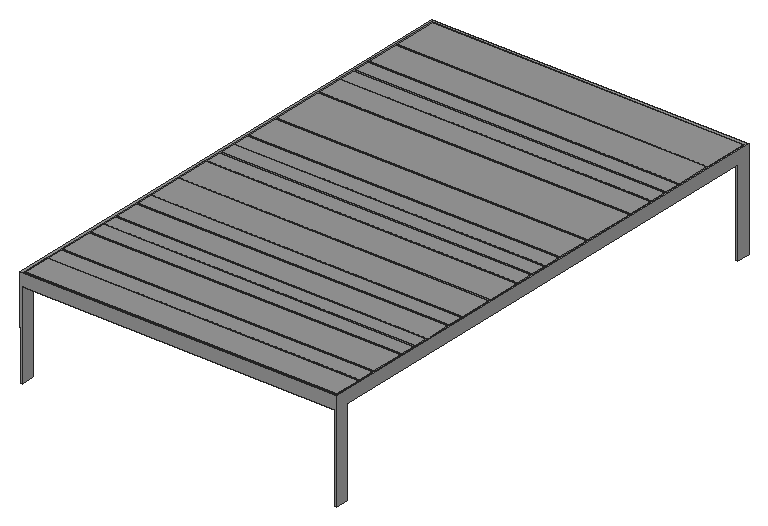
Revit family "Andreu World_Sand_ME4319", category Mobiliario, Revit 2014
Parameters
  Width = 800 mm
  URL = "www.andreuworld.com"
  Top Finish = AW_Wood_Teak
  Reference = "ME-4319"
  Modelo = "Sand"  # constant formula
  Metal = AW_Steel_Earth Brown
  Length = 1300 mm
  Height = 250 mm
  Fabricante = "Andreu World"  # constant formula
Reference planes
  plane 1 "Centro (Frontal/Posterior)": y = 0
  plane 2: z = 0
  plane 3 "Centro (Izquierda/Derecha)": x = 0
  plane 4: y = 650
  plane 5: x = -400
  plane 6: y = -650
  plane 7: x = 400
  plane 8: z = 250
Forms (mm)
  Extrusion 1, solid, material "AW_Wood_Teak" <- "Top Finish", detail levels medium+fine
    sketch origin (0, 0, 0) x (0, -1, 0) y (0, 0, 1)
      loop
        line (-394, 250) -> (-394, 230) -> (-353.324, 230) -> (-353.324, 250) -> (-394, 250)
      loop
        line (-349.336, 250) -> (-349.336, 230) -> (-285.53, 230) -> (-285.53, 250) -> (-349.336, 250)
      loop
        line (-281.543, 250) -> (-281.543, 230) -> (-149.943, 230) -> (-149.943, 250) -> (-281.543, 250)
      loop
        line (-145.955, 250) -> (-145.955, 230) -> (-62.211, 230) -> (-62.211, 250) -> (-145.955, 250)
      loop
        line (-58.223, 250) -> (-58.223, 230) -> (-18.344, 230) -> (-18.344, 250) -> (-58.223, 250)
      loop
        line (-14.356, 250) -> (-14.356, 230) -> (25.522, 230) -> (25.522, 250) -> (-14.356, 250)
      loop
        line (29.51, 250) -> (29.51, 230) -> (69.389, 230) -> (69.389, 250) -> (29.51, 250)
      loop
        line (73.377, 250) -> (73.377, 230) -> (157.121, 230) -> (157.121, 250) -> (73.377, 250)
      loop
        line (161.109, 250) -> (161.109, 230) -> (244.854, 230) -> (244.854, 250) -> (161.109, 250)
      loop
        line (248.842, 250) -> (248.842, 230) -> (288.721, 230) -> (288.721, 250) -> (248.842, 250)
      loop
        line (292.709, 250) -> (292.709, 230) -> (356.514, 230) -> (356.514, 250) -> (292.709, 250)
      loop
        line (360.502, 250) -> (360.502, 230) -> (394, 230) -> (394, 250) -> (360.502, 250)
      loop
        line (397.988, 250) -> (397.988, 230) -> (437.866, 230) -> (437.866, 250) -> (397.988, 250)
      loop
        line (441.854, 250) -> (441.854, 230) -> (525.599, 230) -> (525.599, 250) -> (441.854, 250)
      loop
        line (529.587, 250) -> (529.587, 230) -> (569.466, 230) -> (569.466, 250) -> (529.587, 250)
      loop
        line (573.453, 250) -> (573.453, 230) -> (644, 230) -> (644, 250) -> (573.453, 250)
      loop
        line (-644, 250) -> (-644, 230) -> (-529.587, 230) -> (-529.587, 250) -> (-644, 250)
      loop
        line (-525.599, 250) -> (-525.599, 230) -> (-441.854, 230) -> (-441.854, 250) -> (-525.599, 250)
      loop
        line (-437.866, 250) -> (-437.866, 230) -> (-397.988, 230) -> (-397.988, 250) -> (-437.866, 250)
    from -394 to 394
  Extrusion 2, solid, material "AW_Steel_Earth Brown" <- "Metal", detail levels medium+fine
    sketch origin (0, 0, 0) x (1, 0, 0) y (0, 1, 0)
      loop
        line (-400, 650) -> (-400, -650) -> (400, -650) -> (400, 650) -> (-400, 650)
      loop
        line (-394, 644) -> (-394, -644) -> (394, -644) -> (394, 644) -> (-394, 644)
    from 218 to 250
  Extrusion 3, solid, material "AW_Steel_Earth Brown" <- "Metal", detail levels medium+fine
    sketch origin (0, 0, 0) x (1, 0, 0) y (0, 1, 0)
      loop
        line (-400, 650) -> (-400, 618) -> (-394, 618) -> (-394, 650) -> (-400, 650)
      loop
        line (400, 650) -> (394, 650) -> (394, 618) -> (400, 618) -> (400, 650)
      loop
        line (-400, -650) -> (-394, -650) -> (-394, -618) -> (-400, -618) -> (-400, -650)
      loop
        line (400, -650) -> (400, -618) -> (394, -618) -> (394, -650) -> (400, -650)
    from 0 to 218
Cuts and joins
  joined: Extrusion 2, Extrusion 3
Lines and regions (mm)
  model lines, detail levels coarse+medium
    curve 1: line (-400, 650, 0) -> (400, 650, 0)
    curve 2: line (-400, -650, 0) -> (-400, 650, 0)
    curve 3: line (400, -650, 0) -> (-400, -650, 0)
    curve 4: line (400, 650, 0) -> (400, -650, 0)
    curve 5: line (-394, 644, 0) -> (394, 644, 0)
    curve 6: line (-394, -644, 0) -> (-394, 644, 0)
    curve 7: line (394, -644, 0) -> (-394, -644, 0)
    curve 8: line (394, 644, 0) -> (394, -644, 0)
    curve 9: line (-394, 529.587, 0) -> (394, 529.587, 0)
    curve 10: line (394, 525.599, 0) -> (-394, 525.599, 0)
    curve 11: line (-394, 441.854, 0) -> (394, 441.854, 0)
    curve 12: line (394, 437.866, 0) -> (-394, 437.866, 0)
    curve 13: line (-394, 397.988, 0) -> (394, 397.988, 0)
    curve 14: line (394, 394, 0) -> (-394, 394, 0)
    curve 15: line (-394, 353.324, 0) -> (394, 353.324, 0)
    curve 16: line (394, 349.336, 0) -> (-394, 349.336, 0)
    curve 17: line (-394, 285.53, 0) -> (394, 285.53, 0)
    curve 18: line (394, 281.543, 0) -> (-394, 281.543, 0)
    curve 19: line (-394, 149.943, 0) -> (394, 149.943, 0)
    curve 20: line (394, 145.955, 0) -> (-394, 145.955, 0)
    curve 21: line (-394, 62.211, 0) -> (394, 62.211, 0)
    curve 22: line (394, 58.223, 0) -> (-394, 58.223, 0)
    curve 23: line (-394, 18.344, 0) -> (394, 18.344, 0)
    curve 24: line (394, 14.356, 0) -> (-394, 14.356, 0)
    curve 25: line (-394, -25.522, 0) -> (394, -25.522, 0)
    curve 26: line (394, -29.51, 0) -> (-394, -29.51, 0)
    curve 27: line (-394, -69.389, 0) -> (394, -69.389, 0)
    curve 28: line (394, -73.377, 0) -> (-394, -73.377, 0)
    curve 29: line (-394, -157.121, 0) -> (394, -157.121, 0)
    curve 30: line (394, -161.109, 0) -> (-394, -161.109, 0)
    curve 31: line (-394, -244.854, 0) -> (394, -244.854, 0)
    curve 32: line (394, -248.842, 0) -> (-394, -248.842, 0)
    curve 33: line (-394, -288.721, 0) -> (394, -288.721, 0)
    curve 34: line (394, -292.709, 0) -> (-394, -292.709, 0)
    curve 35: line (-394, -356.514, 0) -> (394, -356.514, 0)
    curve 36: line (394, -360.502, 0) -> (-394, -360.502, 0)
    curve 37: line (-394, -394, 0) -> (394, -394, 0)
    curve 38: line (394, -397.988, 0) -> (-394, -397.988, 0)
    curve 39: line (-394, -437.866, 0) -> (394, -437.866, 0)
    curve 40: line (394, -441.854, 0) -> (-394, -441.854, 0)
    curve 41: line (-394, -525.599, 0) -> (394, -525.599, 0)
    curve 42: line (394, -529.587, 0) -> (-394, -529.587, 0)
    curve 43: line (-394, -569.466, 0) -> (394, -569.466, 0)
    curve 44: line (394, -573.453, 0) -> (-394, -573.453, 0)
Dimensions and locks
  equal spacing: plane 5, plane 3 "Centro (Izquierda/Derecha)", plane 7
  "Width": plane 5 to plane 7
  equal spacing: plane 4, plane 1 "Centro (Frontal/Posterior)", plane 6
  "Length": plane 4 to plane 6
  "Height": plane 8 to level
  aligned and locked: level to plane 2
Automatic sketch dimensions
  Extrusion 2 sketch curve to plane 5 = 0 mm
  Extrusion 2 sketch curve to plane 4 = 0 mm
  Extrusion 2 sketch curve to plane 7 = 0 mm
  Extrusion 2 sketch curve to plane 6 = 0 mm
  plane 5 to Extrusion 2 sketch curve = 6 mm
  Extrusion 2 sketch curve to plane 7 = 6 mm
  plane 6 to Extrusion 2 sketch curve = 6 mm
  Extrusion 2 sketch curve to plane 4 = 6 mm
  Extrusion 3 sketch curve to plane 4 = 0 mm  (x2)
  Extrusion 3 sketch curve to plane 5 = 0 mm  (x2)
  Extrusion 3 sketch curve to plane 6 = 0 mm  (x2)
  Extrusion 3 sketch curve to plane 7 = 0 mm  (x2)
  Extrusion 3 sketch curve to Extrusion 3 sketch curve = 6 mm  (x3)
  Extrusion 3 sketch curve to plane 7 = 6 mm
  Extrusion 3 sketch curve to Extrusion 3 sketch curve = 32 mm
  plane 6 to Extrusion 3 sketch curve = 32 mm
  Extrusion 3 sketch curve to plane 4 = 32 mm  (x2)
  curve 3 to plane 5 = 0 mm
  curve 4 to plane 6 = 0 mm
  curve 4 to plane 7 = 0 mm
  curve 2 to plane 4 = 0 mm
  plane 5 to curve 6 = 6 mm
  curve 8 to plane 7 = 6 mm
  plane 6 to curve 6 = 6 mm
  curve 8 to plane 4 = 6 mm
  Extrusion 1 sketch curve to plane 8 = 0 mm  (x19)
  Extrusion 1 sketch curve to plane 4 = 6 mm
  Extrusion 1 sketch curve to plane 8 = 20 mm  (x8)
  Extrusion 1 sketch curve to Extrusion 1 sketch curve = 114.413 mm
  Extrusion 1 sketch curve to Extrusion 1 sketch curve = 3.988 mm  (x18)
  Extrusion 1 sketch curve to Extrusion 1 sketch curve = 83.745 mm  (x4)
  Extrusion 1 sketch curve to Extrusion 1 sketch curve = 39.879 mm  (x5)
  Extrusion 1 sketch curve to Extrusion 1 sketch curve = 40.676 mm
  Extrusion 1 sketch curve to Extrusion 1 sketch curve = 63.806 mm  (x2)
  Extrusion 1 sketch curve to Extrusion 1 sketch curve = 131.599 mm
  Extrusion 1 sketch curve to plane 1 "Centro (Frontal/Posterior)" = 62.211 mm
  Extrusion 1 sketch curve to plane 1 "Centro (Frontal/Posterior)" = 18.344 mm
  plane 1 "Centro (Frontal/Posterior)" to Extrusion 1 sketch curve = 25.522 mm
  Extrusion 1 sketch curve to Extrusion 1 sketch curve = 33.498 mm
  plane 6 to Extrusion 1 sketch curve = 6 mm
  Extrusion 1 sketch curve to Extrusion 1 sketch curve = 0 mm  (x11)
  curve 9 to curve 5 = 114.413 mm
  curve 10 to curve 9 = 3.988 mm
  curve 11 to curve 10 = 83.745 mm
  curve 12 to curve 11 = 3.988 mm
  curve 13 to curve 12 = 39.879 mm
  curve 14 to curve 13 = 3.988 mm
  curve 15 to curve 14 = 40.676 mm
  curve 16 to curve 15 = 3.988 mm
  curve 17 to curve 16 = 63.806 mm
  curve 18 to curve 17 = 3.988 mm
  curve 19 to curve 18 = 131.599 mm
  curve 20 to curve 19 = 3.988 mm
  curve 21 to plane 1 "Centro (Frontal/Posterior)" = 62.211 mm
  curve 22 to curve 21 = 3.988 mm
  curve 23 to plane 1 "Centro (Frontal/Posterior)" = 18.344 mm
  curve 24 to curve 23 = 3.988 mm
  plane 1 "Centro (Frontal/Posterior)" to curve 25 = 25.522 mm
  curve 26 to curve 25 = 3.988 mm
  curve 27 to curve 26 = 39.879 mm
  curve 28 to curve 27 = 3.988 mm
  curve 29 to curve 28 = 83.745 mm
  curve 30 to curve 29 = 3.988 mm
  curve 31 to curve 30 = 83.745 mm
  curve 32 to curve 31 = 3.988 mm
  curve 33 to curve 32 = 39.879 mm
  curve 34 to curve 33 = 3.988 mm
  curve 35 to curve 34 = 63.806 mm
  curve 36 to curve 35 = 3.988 mm
  curve 37 to curve 36 = 33.498 mm
  curve 38 to curve 37 = 3.988 mm
  curve 39 to curve 38 = 39.879 mm
  curve 40 to curve 39 = 3.988 mm
  curve 41 to curve 40 = 83.745 mm
  curve 42 to curve 41 = 3.988 mm
  curve 43 to curve 42 = 39.879 mm
  curve 44 to curve 43 = 3.988 mm
